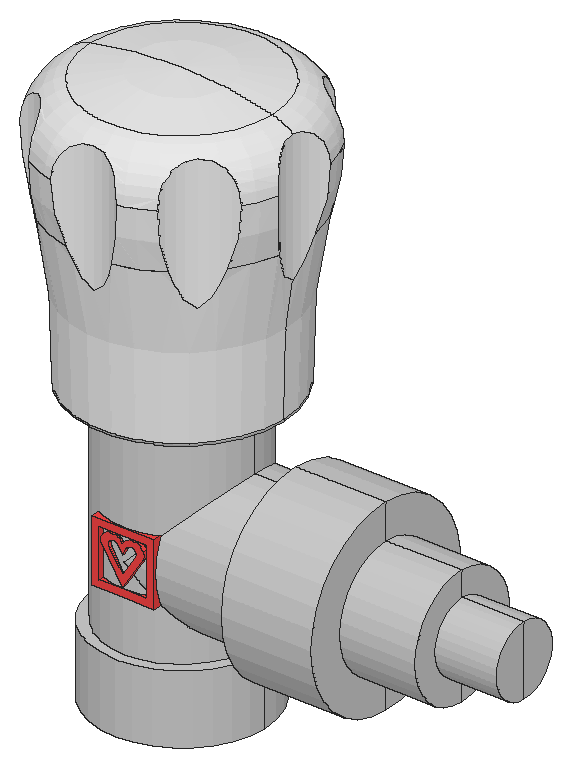
Revit family "Запорно-регулирующий радиаторный клапан GP, угловой 5524", category Rohrzubehör, Revit 2020
Family settings
  Bemaßung runder Anschluss = Durchmesser verwenden
  Teiletyp = Unterbricht
  OmniClass-Nummer = 23.65.55.14
  OmniClass-Titel = Valves for Liquid Services
  Arbeitsebenenbasiert = Nein
  Immer vertikal = Ja
  Beim Laden mit Abzugskörper schneiden = Nein
  Gemeinsam genutzt = Nein
Parameters
  Среда = "Качество воды в соответствии с ÖNORM H 5195 или директивой VDI 2035."
  Область применения = "Системы водяного отопления, в которых требуется точное ручное гидравлическое регулирование подачи воды к отопительным приборам. Рекомендуется также для монтажа в системах холодоснабжения, для точного ручного регулирования регистров охлаждения."
  Номер заказа [instance] = size_lookup("5524_", "Artnr", 0, Nennweite)  # 1552420
  Маховик = "Пластик, белый"  # constant formula
  Макс. рабочее давление = 1000000.0 Pa  # constant formula
  Макс. рабочая температура = 120 °C  # constant formula
  Корпус = "Никелированная латунь"  # constant formula
  Исполнение = "Универсальные модели со специальной муфтой для резьбовой трубы и компрессионных фитингов, никелированные."
  Vorgabe-Ansicht = 0.000 mm
  URL = "www.herz-armaturen.ru"
  SCRNSEQ = "ARM;ARM_TYP=\"ALLF\";2"
  SCRNCODE = "05;00;02"  # constant formula
  S04 = 45.000 mm  # constant formula
  S03 [instance] = H02 - 5.000 mm + 41.000 mm  # 60.000 mm
  S02 [instance] = L04 + L03 - L02  # 25.500 mm
  S01 = 10.000 mm  # constant formula
  Nennweite [instance] = 10.000 mm
  LO1 [instance] = R01 - 0.500 mm  # 10.000 mm
  L04 [instance] = size_lookup("5524_", "L4", 1.000 mm, Nennweite)  # 20.000 mm
  L03 [instance] = size_lookup("5524_", "L3", 1.000 mm, Nennweite)  # 13.000 mm
  L02 [instance] = size_lookup("5524_", "L2", 1.000 mm, Nennweite)  # 7.500 mm
  L01 [instance] = size_lookup("5524_", "L1", 1.000 mm, Nennweite)  # 24.000 mm
  Hersteller = "HERZ Armaturen Ges.m.b.H."  # constant formula
  H03 [instance] = size_lookup("5524_", "H3", 1.000 mm, Nennweite)  # 10.000 mm
  H02 [instance] = size_lookup("5524_", "H2", 1.000 mm, Nennweite)  # 24.000 mm
  H01 [instance] = size_lookup("5524_", "H1", 1.000 mm, Nennweite)  # 22.000 mm
  GT1 [instance] = size_lookup("5524_", "GT1", 1.000 mm, Nennweite)  # 9.000 mm
  GT [instance] = size_lookup("5524_", "GT", 1.000 mm, Nennweite)  # 9.500 mm
  G2 [instance] = Nennweite / 2  # 5.000 mm
  G1 [instance] = Nennweite / 2  # 5.000 mm
  R01 = 10.500 mm  # constant formula
  D05 [instance] = size_lookup("5524_", "D5", 1.000 mm, Nennweite)  # 8.500 mm
  D04 [instance] = size_lookup("5524_", "D4", 1.000 mm, Nennweite)  # 13.500 mm
  D03 [instance] = R01  # 10.500 mm
  D02 [instance] = size_lookup("5524_", "D2", 1.000 mm, Nennweite)  # 7.940 mm
  D01 [instance] = size_lookup("5524_", "D1", 1.000 mm, Nennweite)  # 12.000 mm
Reference planes
  plane 1 "Mitte (Vorne/hinten)": y = 0
  plane 2: z = 0
  plane 3 "Mitte (Links/rechts)": x = 0
Forms (mm)
  Revolve 1, solid, material "Messing, weicher Gelbton, geschweißt", detail levels fine
    sketch origin (0, 0, 0) x (1, 0, 0) y (0, 0, 1)
      loop
        line (0, 24) -> (-10.5, 24) -> (-10.5, -12) -> (-12, -12) -> (-12, -22) -> (-5, -22) -> (-5, -12.5) -> (0, -12.5) -> (0, 24)
      axis (0, 24) -> (0, -22)
    angle from 0 to 360
  Revolve 2, solid, material "Messing, weicher Gelbton, geschweißt", detail levels fine
    sketch origin (0, 0, 0) x (1, 0, 0) y (0, 0, 1)
      loop
        line (0, 0) -> (24, 0) -> (24, 7.94) -> (16.5, 7.94) -> (16.5, 10.5) -> (0, 10.5) -> (0, 0)
      axis (0, 0) -> (24, 0)
    angle from 0 to 360
  Revolve 3, solid, material "Messing, weicher Gelbton, geschweißt", detail levels fine
    sketch origin (-1, 0, 0) x (1, 0, 0) y (0, 0, 1)
      loop
        line (25, 0) -> (50.5, 0) -> (50.5, 5) -> (41.5, 5) -> (41.5, 8.5) -> (30.5, 8.5) -> (30.5, 13.5) -> (17.5, 13.5) -> (17.5, 7.94) -> (25, 7.94) -> (25, 0)
      axis (17.5, 0) -> (50.5, 0)
    angle from 0 to 360
Lines and regions (mm)
  model lines, detail levels coarse+medium
    curve 1: line (0, 0, 0) -> (12, 0, -22)
    curve 2: line (12, 0, -22) -> (-12, 0, -22)
    curve 3: line (-12, 0, -22) -> (0, 0, 0)
    curve 4: line (0, 0, 0) -> (24, 0, 13.5)
    curve 5: line (24, 0, 13.5) -> (24, 0, -13.5)
    curve 6: line (24, 0, -13.5) -> (0, 0, 0)
    curve 7: line (24, 0, 13.5) -> (34, 0, 13.5)
    curve 8: line (34, 0, 13.5) -> (24, 0, 0)
    curve 9: line (24, 0, -13.5) -> (34, 0, -13.5)
    curve 10: line (34, 0, -13.5) -> (24, 0, 0)
    curve 11: line (24, 0, 0) -> (49.5, 0, 0)
    curve 12: line (0, 0, 0) -> (0, 0, 60)
    curve 13: line (-22.5, 0, 60) -> (22.5, 0, 60)
    curve 14: line (0, 0, 0) -> (0, 60, 0)
    curve 15: line (-22.5, 60, 0) -> (22.5, 60, 0)
    curve 16: line (0, 0, 0) -> (12, -22, 0)
    curve 17: line (12, -22, 0) -> (-12, -22, 0)
    curve 18: line (-12, -22, 0) -> (0, 0, 0)
    curve 19: line (0, 0, 0) -> (24, 13.5, 0)
    curve 20: line (24, 13.5, 0) -> (24, -13.5, 0)
    curve 21: line (24, -13.5, 0) -> (0, 0, 0)
    curve 22: line (24, 13.5, 0) -> (34, 13.5, 0)
    curve 23: line (34, 13.5, 0) -> (24, 0, 0)
    curve 24: line (24, -13.5, 0) -> (34, -13.5, 0)
    curve 25: line (24, 0, 0) -> (34, -13.5, 0)
Dimensions and locks
  "H02": Revolve 1 sketch curve to plane 2
  "H01": plane 2 to Revolve 1 sketch curve
  "R01": Revolve 1 sketch curve to Revolve 1 sketch curve
  "G1": Revolve 1 sketch curve to Revolve 1 sketch curve
  "D01": Revolve 1 sketch curve to Revolve 1 sketch curve
  "GT": Revolve 1 sketch curve to Revolve 1 sketch curve
  "H03": Revolve 1 sketch curve to Revolve 1 sketch curve
  "D02": Revolve 2 sketch curve to Revolve 2 sketch curve
  "D03": Revolve 2 sketch curve to Revolve 2 sketch curve
  "L01": Revolve 2 sketch curve to Revolve 2 sketch curve
  "L02": Revolve 2 sketch curve to Revolve 2 sketch curve
  "H02": nested 1 to plane 2
  "LO1": nested 2 to plane 1 "Mitte (Vorne/hinten)"
  "L02": Revolve 3 sketch curve to Revolve 3 sketch curve
  "L03": Revolve 3 sketch curve to Revolve 3 sketch curve
  "L04": Revolve 3 sketch curve to Revolve 3 sketch curve
  "D04": Revolve 3 sketch curve to Revolve 3 sketch curve
  "G2": Revolve 3 sketch curve to Revolve 3 sketch curve
  "D05": Revolve 3 sketch curve to Revolve 3 sketch curve
  "GT1": Revolve 3 sketch curve to Revolve 3 sketch curve
  "L01": plane 3 "Mitte (Links/rechts)" to Revolve 3 sketch curve
  "D02": Revolve 3 sketch curve to plane 2
  "H01": plane 2 to curve 2
  "L01": curve 5 to plane 3 "Mitte (Links/rechts)"
  "D01": curve 2 to plane 3 "Mitte (Links/rechts)" to curve 3
  "D04": curve 5 to plane 2 to curve 6
  "S01": curve 5 to curve 8
  "S01": curve 5 to curve 10
  "S02": curve 11 to curve 11
  "S03": curve 12 to plane 2
  equal spacing: curve 13, curve 12, curve 13
  "S04": curve 13 to curve 13
  "S04": curve 15 to curve 15
  equal spacing: curve 15, curve 14, curve 15
  "S03": plane 1 "Mitte (Vorne/hinten)" to curve 14
  "H01": curve 17 to plane 1 "Mitte (Vorne/hinten)"
  "D01": curve 18 to plane 3 "Mitte (Links/rechts)" to curve 17
  "L01": plane 3 "Mitte (Links/rechts)" to curve 20
  "D04": curve 21 to plane 1 "Mitte (Vorne/hinten)" to curve 20
  "S01": curve 20 to curve 23
  "S01": curve 20 to curve 25
  aligned and locked: level to plane 2
Automatic sketch dimensions
  curve 12 to plane 3 "Mitte (Links/rechts)" = 0.000 mm
  curve 4 to level = 0.000 mm
  curve 10 to level = 0.000 mm
  curve 8 to level = 0.000 mm
  plane 1 "Mitte (Vorne/hinten)" to curve 16 = 0.000 mm
  curve 16 to plane 3 "Mitte (Links/rechts)" = 0.000 mm
  plane 1 "Mitte (Vorne/hinten)" to curve 23 = 0.000 mm
  Revolve 1 sketch curve to plane 3 "Mitte (Links/rechts)" = 0.000 mm  (x2)
  Revolve 1 sketch curve to Revolve 1 sketch curve = 345.545 mm
  Revolve 1 sketch curve to Revolve 1 sketch curve = 2189.815 mm
  Revolve 2 sketch curve to level = 0.000 mm  (x2)
  Revolve 2 sketch curve to plane 3 "Mitte (Links/rechts)" = 0.000 mm
  Revolve 2 sketch curve to plane 3 "Mitte (Links/rechts)" = 1506.530 mm
  Revolve 2 sketch curve to Revolve 2 sketch curve = 1815.148 mm
  Revolve 3 sketch curve to level = 0.000 mm  (x2)
  Revolve 3 sketch curve to plane 3 "Mitte (Links/rechts)" = 1507.530 mm
  Revolve 3 sketch curve to Revolve 3 sketch curve = 1789.648 mm
Nested families
  nested 1: "Handrad-Heizkörperventile" at (0, 0, 18.5), type "Handrad-Heizkörperventile", detail levels fine
  nested 2: "Herz-Logo-vorne" at (0, -10, 0) x (0, -1, 0) z (0, 0, 1), type "Herz-Logo-vorne", detail levels fine
Connectors
  piping at (0, 0, -12.5), diameter 10, driven by "Nennweite"
    settings: on Revolve 1, index 1, connector inside diameter 609.6 mm, connector length 0.000 mm, flow factor 0, pipe flow 0.0 L/s, pressure drop 0.0 Pa, fitting loss kfactor 0, connector angle 0.00°, fixture units 0, engagement length 0.000 mm, angle of deflection 0.00°, flow configuration 0, flow direction 1, fitting loss method 0, system type 7, joint type 0, gender type 0, connector reference index -1, connector utility 0, adjustable connector no, is connector primary yes, connector description ""
  piping at (49.5, 0, 0), diameter 10, driven by "Nennweite"
    settings: on Revolve 3, index 2, connector inside diameter 609.6 mm, connector length 0.000 mm, flow factor 0, pipe flow 0.0 L/s, pressure drop 0.0 Pa, fitting loss kfactor 0, connector angle 0.00°, fixture units 0, engagement length 0.000 mm, angle of deflection 0.00°, flow configuration 0, flow direction 2, fitting loss method 0, system type 7, joint type 0, gender type 0, connector reference index -1, connector utility 0, adjustable connector no, is connector primary no, connector description ""
Definition of nested family "Handrad-Heizkörperventile"
  Parameters (values of type "Handrad-Heizkörperventile")
    Default Elevation = 0.000 mm
    T01 = 5.500 mm  # constant formula
    R01 = 10.500 mm  # constant formula
  Reference planes
    plane 1 "Mitte (Vorne/hinten)": y = 0
    plane 2: z = 0
    plane 3 "Mitte (Links/rechts)": x = 0
  Forms (mm)
    Revolve 1, solid, detail levels fine
      sketch origin (0, 0, 0) x (1, 0, 0) y (0, 0, 1)
        loop
          line (10.5, 0) -> (14.25, 0)
          arc (14.25, 0) -> (14.604, 0.146) -> (14.75, 0.5) r 0.5
          arc (14.75, 0.5) -> (15.098, 12.356) -> (17.195, 24.03) r 80
          arc (17.195, 24.03) -> (18.172, 28.281) -> (18.5, 32.63) r 29
          arc (18.5, 32.63) -> (17.011, 36.946) -> (13.177, 39.426) r 7
          arc (13.177, 39.426) -> (6.637, 40.626) -> (0, 41.028) r 55
          line (0, 41.028) -> (0, 5.5) -> (10.5, 5.5) -> (10.5, 0)
        axis (0, 41.028) -> (0, 0)
      angle from 0 to 360
    Extrusion 2, void
      sketch origin (0, 0, 0) x (1, 0, 0) y (0, 1, 0)
        loop
          arc (-16.011, 9.268) -> (-11.314, 11.314) -> (-9.268, 16.011) r 7
          arc (-9.268, 16.011) -> (-13.081, 13.081) -> (-16.011, 9.268) r 18.5
        loop
          arc (16.011, 9.268) -> (13.081, 13.081) -> (9.268, 16.011) r 18.5
          arc (9.268, 16.011) -> (11.314, 11.314) -> (16.011, 9.268) r 7
        loop
          arc (-16.011, -9.268) -> (-13.081, -13.081) -> (-9.268, -16.011) r 18.5
          arc (-9.268, -16.011) -> (-11.314, -11.314) -> (-16.011, -9.268) r 7
        loop
          arc (16.011, -9.268) -> (11.314, -11.314) -> (9.268, -16.011) r 7
          arc (9.268, -16.011) -> (13.081, -13.081) -> (16.011, -9.268) r 18.5
        loop
          arc (17.953, 4.58) -> (16.078, -0.188) -> (17.953, -4.956) r 7
          arc (17.953, -4.956) -> (18.578, -0.188) -> (17.953, 4.58) r 18.5
        loop
          arc (-17.953, 4.58) -> (-18.578, -0.188) -> (-17.953, -4.956) r 18.5
          arc (-17.953, -4.956) -> (-16.078, -0.188) -> (-17.953, 4.58) r 7
        loop
          arc (-4.58, 17.953) -> (0.188, 16.078) -> (4.956, 17.953) r 7
          arc (4.956, 17.953) -> (0.188, 18.578) -> (-4.58, 17.953) r 18.5
        loop
          arc (-4.58, -17.953) -> (0.188, -18.578) -> (4.956, -17.953) r 18.5
          arc (4.956, -17.953) -> (0.188, -16.078) -> (-4.58, -17.953) r 7
      from 15.609 to 43.011
  Cuts and joins
    Extrusion 2 cuts Revolve 1
  Dimensions and locks
    "R01": Revolve 1 sketch curve to Revolve 1 sketch curve
    Revolve 1 sketch curve to plane 3 "Mitte (Links/rechts)" = 14.750 mm
    "T01": Revolve 1 sketch curve to Revolve 1 sketch curve
    aligned and locked: level to plane 2
  Automatic sketch dimensions
    Extrusion 2 sketch curve to Extrusion 2 sketch curve = 0.000 mm  (x14)
    plane 1 "Mitte (Vorne/hinten)" to Extrusion 2 sketch curve = 0.000 mm
    Extrusion 2 sketch curve to plane 3 "Mitte (Links/rechts)" = 0.000 mm
    Extrusion 2 sketch curve to plane 3 "Mitte (Links/rechts)" = 0.078 mm
    Extrusion 2 sketch curve to plane 3 "Mitte (Links/rechts)" = 16.263 mm  (x2)
    plane 1 "Mitte (Vorne/hinten)" to Extrusion 2 sketch curve = 0.188 mm  (x2)
    Extrusion 2 sketch curve to Extrusion 2 sketch curve = 6.815 mm  (x4)
    plane 3 "Mitte (Links/rechts)" to Extrusion 2 sketch curve = 0.078 mm
    plane 3 "Mitte (Links/rechts)" to Extrusion 2 sketch curve = 0.188 mm  (x2)
    plane 1 "Mitte (Vorne/hinten)" to Extrusion 2 sketch curve = 0.078 mm
    Extrusion 2 sketch curve to Extrusion 2 sketch curve = 0.110 mm  (x2)
    Extrusion 2 sketch curve to plane 1 "Mitte (Vorne/hinten)" = 0.078 mm
    plane 3 "Mitte (Links/rechts)" to Extrusion 2 sketch curve = 16.263 mm  (x2)
    plane 1 "Mitte (Vorne/hinten)" to Extrusion 2 sketch curve = 16.263 mm  (x2)
    Extrusion 2 sketch curve to plane 1 "Mitte (Vorne/hinten)" = 16.263 mm  (x2)
    Extrusion 2 sketch curve to plane 3 "Mitte (Links/rechts)" = 4.580 mm  (x2)
    Extrusion 2 sketch curve to Extrusion 2 sketch curve = 4.688 mm  (x2)
    Extrusion 2 sketch curve to Extrusion 2 sketch curve = 0.252 mm  (x4)
    Extrusion 2 sketch curve to Extrusion 2 sketch curve = 1.942 mm  (x4)
    Extrusion 2 sketch curve to Extrusion 2 sketch curve = 4.312 mm  (x4)
    Revolve 1 sketch curve to plane 3 "Mitte (Links/rechts)" = 0.000 mm  (x2)
    Revolve 1 sketch curve to level = 0.000 mm
    Revolve 1 sketch curve to plane 3 "Mitte (Links/rechts)" = 10.500 mm
    plane 3 "Mitte (Links/rechts)" to Revolve 1 sketch curve = 11.500 mm
    Revolve 1 sketch curve to Revolve 1 sketch curve = 0.500 mm
    level to Revolve 1 sketch curve = 4.086 mm
    Revolve 1 sketch curve to Revolve 1 sketch curve = 79.920 mm
    Revolve 1 sketch curve to level = 13.972 mm
    Revolve 1 sketch curve to Revolve 1 sketch curve = 27.130 mm
    Revolve 1 sketch curve to Revolve 1 sketch curve = 8.398 mm
    Revolve 1 sketch curve to Revolve 1 sketch curve = 0.000 mm
    Revolve 1 sketch curve to Revolve 1 sketch curve = 1.305 mm
    Revolve 1 sketch curve to Revolve 1 sketch curve = 352.073 mm
    Revolve 1 sketch curve to Revolve 1 sketch curve = 2173.287 mm
Definition of nested family "Herz-Logo-vorne"
  Parameters (values of type "Herz-Logo-vorne")
    Default Elevation = 0.000 mm
  Reference planes
    plane 1 "Mitte (Vorne/hinten)": y = 0
    plane 2: z = 0
    plane 3 "Mitte (Links/rechts)": x = 0
  Forms (mm)
    Extrusion 1, solid
      sketch origin (0.732, -0.018, 0.017) x (0, -1, 0) y (0, 0, 1)
        loop
          line (-0.018, -4.517) -> (4.482, -4.517) -> (4.482, 4.483) -> (-4.518, 4.483) -> (-4.518, -4.517) -> (-0.018, -4.517)
        loop
          line (-0.05, -3.48) -> (3.482, -3.48) -> (3.482, 3.483) -> (-3.518, 3.483) -> (-3.518, -3.48) -> (-0.05, -3.48)
        loop
          arc (-0.018, 2.383) -> (-1.543, 3.287) -> (-3.067, 2.383) r 1.738
          arc (-3.067, 2.383) -> (-3.191, 1.899) -> (-3.067, 1.415) r 1.009
          line (-3.067, 1.415) -> (-0.018, -3.281) -> (3.032, 1.415)
          arc (3.032, 1.415) -> (3.156, 1.899) -> (3.032, 2.383) r 1.009
          arc (3.032, 2.383) -> (1.507, 3.287) -> (-0.018, 2.383) r 1.738
        loop
          arc (1.885, 1.272) -> (2.005, 1.675) -> (1.885, 2.079) r 0.74
          arc (1.885, 2.079) -> (1.265, 2.416) -> (0.644, 2.079) r 0.74
          line (0.644, 2.079) -> (-0.018, 0.97) -> (-0.679, 2.079)
          arc (-0.679, 2.079) -> (-1.3, 2.416) -> (-1.921, 2.079) r 0.74
          arc (-1.921, 2.079) -> (-2.04, 1.675) -> (-1.921, 1.272) r 0.74
          line (-1.921, 1.272) -> (-0.018, -1.658) -> (1.885, 1.272)
      from 0 to 1.5
  Dimensions and locks
    aligned and locked: level to plane 2
